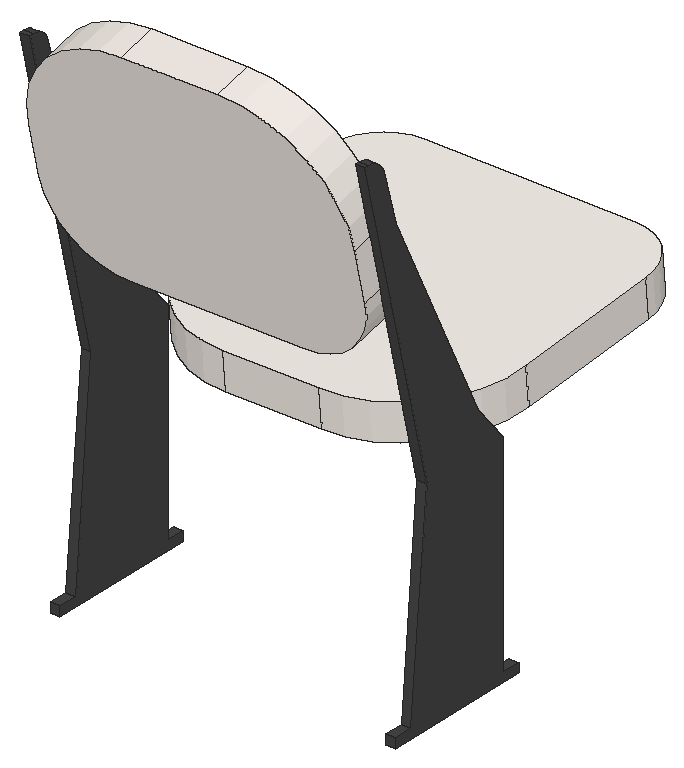
Revit family
Parameters (values of type "457 x 610mm")
  Seat/Back Material = Textile - Linen, Smooth
  Frame Material = Metal - Paint Finish - Dark Gray, Matte
Reference planes
  plane 1 "Center (Front/Back)": y = 189.875
  plane 2: z = 0
  plane 3 "Center (Left/Right)": x = 160.728
  plane 4: x = 389.328
  plane 5: x = -67.872
  plane 6: y = -114.925
  plane 7: y = 494.675
  plane 8: z = 762
  plane 9: z = 444.5
  plane 10: y = -13.325
  plane 11: y = -64.125
  plane 12: z = 711.2
  plane 13: z = 292.1
  plane 14: z = 342.9
  plane 15: y = 37.475
  plane 16: z = 622.3
  plane 17: z = 711.2
  plane 18: y = -64.331
  plane 19: z = 292.1
  plane 20: through (0, 102.389, 24.872) normal (0, 0.9717, 0.2361)
  plane 21: through (0, -24.112, 275.601) normal (0, 0.0872, -0.9962)
  plane 22: y = 443.875
  plane 23: x = 325.828
  plane 24: x = -4.372
  plane 25 "Seat": z = 334.471
Forms (mm)
  Extrusion 1, solid, material "Metal - Paint Finish - Dark Gray, Matte" <- "Frame Material"
    sketch origin (389.328, 0, 0) x (0, -1, 0) y (0, 0, 1)
      loop
        line (13.325, 0) -> (13.325, 12.7) -> (-12.075, 12.7) -> (-37.475, 292.1) -> (64.125, 711.2) -> (57.884, 711.2)
        arc (57.884, 711.2) -> (42.588, 706.078) -> (33.461, 692.778) r 25.4
        line (33.461, 692.778) -> (13.325, 622.3) -> (-121.849, 342.9) -> (-164.475, 292.1) -> (-164.475, 12.7) -> (-189.875, 12.7) -> (-189.875, 0) -> (13.325, 0)
    from 0 to 12.7
  Extrusion 2, solid, material "Metal - Paint Finish - Dark Gray, Matte" <- "Frame Material"
    sketch origin (-67.872, 0, 0) x (0, -1, 0) y (0, 0, 1)
      loop
        line (-189.875, 0) -> (13.325, 0) -> (13.325, 12.7) -> (-12.075, 12.7) -> (-37.475, 292.1) -> (64.125, 711.2) -> (57.884, 711.2)
        arc (57.884, 711.2) -> (42.588, 706.078) -> (33.461, 692.778) r 25.4
        line (33.461, 692.778) -> (13.325, 622.3) -> (-121.849, 342.9) -> (-164.475, 292.1) -> (-164.475, 12.7) -> (-189.875, 12.7) -> (-189.875, 0)
    from 0 to -12.7
  Extrusion 3, solid, material "Textile - Linen, Smooth"
    sketch origin (0, -24.112, 275.601) x (0, 0.996195, 0.087156) y (1, 0, 0)
      loop
        line (523.629, 21.028) -> (523.629, 300.428)
        arc (523.629, 300.428) -> (501.311, 354.309) -> (447.429, 376.628) r 76.2
        line (447.429, 376.628) -> (247.217, 376.628)
        arc (247.217, 376.628) -> (139.454, 331.991) -> (94.817, 224.228) r 152.4
        line (94.817, 224.228) -> (94.817, 97.228)
        arc (94.817, 97.228) -> (139.454, -10.535) -> (247.217, -55.172) r 152.4
        line (247.217, -55.172) -> (447.429, -55.172)
        arc (447.429, -55.172) -> (501.311, -32.854) -> (523.629, 21.028) r 76.2
    from 0 to -50.8
  Extrusion 4, solid, material "Textile - Linen, Smooth" <- "Seat/Back Material"
    sketch origin (0, 102.389, 24.872) x (0, -0.236052, 0.97174) y (1, 0, 0)
      loop
        line (758.507, 97.228) -> (758.507, 224.228)
        arc (758.507, 224.228) -> (713.87, 331.991) -> (606.107, 376.628) r 152.4
        line (606.107, 376.628) -> (534.448, 376.628)
        arc (534.448, 376.628) -> (462.606, 346.87) -> (432.848, 275.028) r 101.6
        line (432.848, 275.028) -> (432.848, 46.428)
        arc (432.848, 46.428) -> (462.606, -25.414) -> (534.448, -55.172) r 101.6
        line (534.448, -55.172) -> (606.107, -55.172)
        arc (606.107, -55.172) -> (713.87, -10.535) -> (758.507, 97.228) r 152.4
    from -25.4 to 25.4
Lines and regions (mm)
  Masking region 1
    outline origin (0, 0, 334.471) x (0, -1, 0) y (1, 0, 0)
      loop
        spline (-222.164, -55.172) -> (-219.453, -55.148) -> (-216.742, -55.075) -> (-214.034, -54.953) -> (-211.328, -54.783) -> (-208.625, -54.565) -> (-205.927, -54.298) -> (-203.233, -53.983) -> (-200.546, -53.619) -> (-197.866, -53.208) -> (-195.194, -52.748) -> (-192.53, -52.241) -> (-189.875, -51.686)
        line (-189.875, -51.686) -> (-189.875, -67.872) -> (64.864, -67.872) -> (64.864, -55.118)
        spline (64.864, -55.118) -> (69.594, -53.814) -> (74.243, -49.926) -> (78.732, -43.52) -> (82.983, -34.705) -> (86.924, -23.632) -> (90.488, -10.491) -> (93.613, 4.493) -> (96.247, 21.064) -> (98.343, 38.939) -> (99.867, 57.811) -> (100.792, 77.359) -> (101.102, 97.246)
        line (101.102, 97.246) -> (101.102, 197.246) -> (100.741, 224.198)
        spline (100.741, 224.198) -> (100.433, 244.086) -> (99.514, 263.634) -> (98.001, 282.507) -> (95.918, 300.383) -> (93.302, 316.954) -> (90.198, 331.939) -> (86.658, 345.081) -> (82.743, 356.154) -> (78.52, 364.969) -> (74.061, 371.376) -> (69.443, 375.264) -> (64.745, 376.567)
        line (64.745, 376.567) -> (64.745, 389.328) -> (-189.875, 389.328) -> (-189.875, 373.141)
        spline (-189.875, 373.141) -> (-192.53, 373.696) -> (-195.194, 374.204) -> (-197.866, 374.663) -> (-200.546, 375.075) -> (-203.233, 375.438) -> (-205.927, 375.754) -> (-208.625, 376.021) -> (-211.328, 376.239) -> (-214.034, 376.409) -> (-216.742, 376.531) -> (-219.453, 376.604) -> (-222.164, 376.628)
        line (-222.164, 376.628) -> (-418.765, 376.628)
        spline (-418.765, 376.628) -> (-428.674, 375.976) -> (-438.412, 374.031) -> (-447.815, 370.827) -> (-456.72, 366.419) -> (-464.976, 360.881) -> (-472.442, 354.309) -> (-478.989, 346.815) -> (-484.505, 338.528) -> (-488.897, 329.588) -> (-492.089, 320.15) -> (-494.026, 310.374) -> (-494.675, 300.428)
        line (-494.675, 300.428) -> (-494.675, 21.028)
        spline (-494.675, 21.028) -> (-494.026, 11.082) -> (-492.089, 1.306) -> (-488.897, -8.133) -> (-484.505, -17.072) -> (-478.989, -25.36) -> (-472.442, -32.854) -> (-464.976, -39.426) -> (-456.72, -44.963) -> (-447.815, -49.372) -> (-438.412, -52.576) -> (-428.674, -54.52) -> (-418.765, -55.172)
        line (-418.765, -55.172) -> (-222.164, -55.172)
  symbolic lines
    curve 1: line (376.628, 215.275, 334.471) -> (376.628, -64.125, 334.471)
    curve 2: line (-55.172, -64.125, 334.471) -> (-55.172, 215.275, 334.471)
    curve 3: line (275.028, 24.897, 334.471) -> (46.428, 24.897, 334.471)
    curve 4: spline (376.628, 0.914, 334.471) -> (375.759, 4.045, 334.471) -> (373.166, 7.121, 334.471) -> (368.894, 10.092, 334.471) -> (363.016, 12.906, 334.471) -> (355.633, 15.514, 334.471) -> (346.87, 17.873, 334.471) -> (336.878, 19.941, 334.471) -> (325.828, 21.684, 334.471) -> (313.909, 23.071, 334.471) -> (301.324, 24.08, 334.471) -> (288.289, 24.692, 334.471) -> (275.028, 24.897, 334.471)
    curve 5: spline (46.428, 24.897, 334.471) -> (33.166, 24.692, 334.471) -> (20.132, 24.08, 334.471) -> (7.547, 23.071, 334.471) -> (-4.372, 21.684, 334.471) -> (-15.422, 19.941, 334.471) -> (-25.414, 17.873, 334.471) -> (-34.177, 15.514, 334.471) -> (-41.56, 12.906, 334.471) -> (-47.438, 10.092, 334.471) -> (-51.71, 7.121, 334.471) -> (-54.303, 4.045, 334.471) -> (-55.172, 0.914, 334.471)
    curve 6: line (224.228, 70.344, 334.471) -> (97.228, 70.344, 334.471)
    curve 7: spline (97.228, 70.344, 334.471) -> (79.98, 71.319, 334.471) -> (62.953, 74.233, 334.471) -> (46.367, 79.048, 334.471) -> (30.434, 85.702, 334.471) -> (15.36, 94.11, 334.471) -> (1.338, 104.163, 334.471) -> (-11.452, 115.732, 334.471) -> (-22.846, 128.67, 334.471) -> (-32.696, 142.808, 334.471) -> (-40.877, 157.967, 334.471) -> (-47.283, 173.95, 334.471) -> (-51.832, 190.553, 334.471)
    curve 8: spline (373.106, 189.715, 334.471) -> (368.486, 173.205, 334.471) -> (362.028, 157.32, 334.471) -> (353.813, 142.261, 334.471) -> (343.947, 128.22, 334.471) -> (332.555, 115.376, 334.471) -> (319.783, 103.894, 334.471) -> (305.793, 93.918, 334.471) -> (290.763, 85.577, 334.471) -> (274.886, 78.977, 334.471) -> (258.363, 74.201, 334.471) -> (241.405, 71.311, 334.471) -> (224.228, 70.344, 334.471)
Dimensions and locks
  equal spacing: plane 5, plane 3 "Center (Left/Right)", plane 4
  equal spacing: plane 6, plane 1 "Center (Front/Back)", plane 7
  locked: plane 5 to plane 4 at 457.2
  locked: plane 6 to plane 7 at 609.6
  aligned and locked: Masking region 1 sketch curve to plane 7
Automatic sketch dimensions
  Masking region 1 sketch curve to plane 1 "Center (Front/Back)" = 0.00 mm  (x2)
  Masking region 1 sketch curve to plane 4 = 0.00 mm
  Masking region 1 sketch curve to plane 5 = 0.00 mm
  Masking region 1 sketch curve to plane 5 = 12.70 mm
  plane 22 to Masking region 1 sketch curve = 25.11 mm  (x2)
  Masking region 1 sketch curve to Masking region 1 sketch curve = 0.00 mm  (x2)
  Masking region 1 sketch curve to plane 1 "Center (Front/Back)" = 32.289 mm  (x2)
  plane 4 to Masking region 1 sketch curve = 12.70 mm
  plane 18 to Masking region 1 sketch curve = 0.414 mm
  plane 18 to Masking region 1 sketch curve = 0.533 mm
  Masking region 1 sketch curve to plane 6 = 14.184 mm
  Masking region 1 sketch curve to plane 6 = 13.823 mm
  Masking region 1 sketch curve to plane 5 = 12.754 mm
  Masking region 1 sketch curve to Masking region 1 sketch curve = 16.187 mm  (x2)
  Masking region 1 sketch curve to plane 5 = 88.90 mm
  plane 3 "Center (Left/Right)" to Masking region 1 sketch curve = 88.90 mm  (x2)
  Masking region 1 sketch curve to Masking region 1 sketch curve = 25.40 mm
  Masking region 1 sketch curve to Masking region 1 sketch curve = 25.418 mm
  Masking region 1 sketch curve to plane 3 "Center (Left/Right)" = 36.518 mm
  Masking region 1 sketch curve to Masking region 1 sketch curve = 26.952 mm
  Masking region 1 sketch curve to plane 3 "Center (Left/Right)" = 63.50 mm
  curve 8 to plane 1 "Center (Front/Back)" = 32.289 mm
  curve 7 to plane 5 = 12.70 mm
  curve 7 to plane 1 "Center (Front/Back)" = 32.289 mm
  plane 4 to curve 1 = 12.70 mm
  curve 1 to plane 1 "Center (Front/Back)" = 25.40 mm
  curve 7 to curve 2 = 6.889 mm
  curve 7 to plane 1 "Center (Front/Back)" = 0.678 mm
  plane 1 "Center (Front/Back)" to curve 8 = 0.161 mm
  plane 10 to curve 7 = 83.669 mm
  plane 10 to curve 5 = 38.222 mm
  plane 10 to curve 4 = 14.239 mm
  plane 10 to curve 5 = 14.239 mm
  curve 1 to plane 18 = 0.206 mm
  curve 2 to plane 18 = 0.206 mm
  curve 2 to plane 5 = 12.70 mm
  curve 2 to curve 7 = 3.34 mm
  curve 5 to curve 7 = 50.80 mm
  curve 8 to curve 7 = 25.40 mm
  curve 4 to plane 3 "Center (Left/Right)" = 12.70 mm
  curve 8 to plane 3 "Center (Left/Right)" = 63.50 mm
